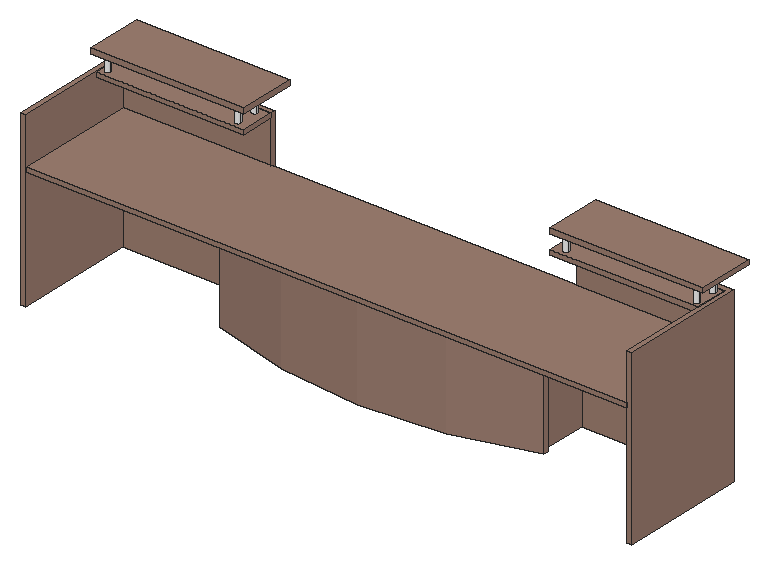
Revit family "T100125", category Furniture, Revit 2018
Family settings
  OmniClass Number = 23.40.20.00
  OmniClass Title = General Furniture and Specialties
  Work Plane-Based = No
  Always vertical = Yes
  Cut with Voids When Loaded = No
  Shared = No
  Room Calculation Point = No
Reference planes (in)
  plane 1 "Center Front/Back": y = 0
  plane 2: z = 0
  plane 3 "Center Left/Right": x = 0
Dimensions and locks (in)
  aligned and locked: level to plane 2
Nested families (in)
  nested 1: "OFS ELEMENT DOUBLE DESK OPEN CENTER 144in" at (-36, 0, 0), type "ELEMENT DOUBLE DESK OPEN CENTER 144in Width"
    with Desk Overlay Option yes
Definition of nested family "OFS ELEMENT DOUBLE DESK OPEN CENTER 144in"
  Parameters (values of type "ELEMENT DOUBLE DESK OPEN CENTER 144in Width")
    Worksurface Material = none
    Width = 12' - 0"
    Half Width = 6' - 0"
    URL = "http://www.ofsbrands.com/"
    Transaction Shelf Material = none
    Table Supp from Lateral = 0' - 2 5/8"
    Table Supp from Center = 0' - 11 1/8"
    Table Depth = 1' - 1 1/2"
    Return Worksurface Width = 1' - 10"
    Paper Organizer Material = none
    Paper Organizer Depth = 1' - 0 3/4"
    Paper Organizer Clearance = 0' - 4 5/8"
    Paper Organizer Board Thickness = 0' - 0 3/4"
    Model = "EL-T72DC"
    Manufacturer = "OFS"
    Lateral Board Thickness = 0' - 1 3/16"
    Height = 3' - 9"
    Standoffs Material = none
    Groomet Material = none
    Desk Overlay Thickness = 0' - 0 1/8"
    Desk Overlay Option [instance] = yes
    Desk Overlay Material = none
    Desk Overlay = 0' - 6 1/2"
    Description = "OFS BRANDS OFS ELEMENT DOUBLE DESK OPEN CENTER 144\" Width, 2 X 72\"W x 34.3125\"D OPEN DESK:"
    Desk Depth = 2' - 10 5/16"
    Depth = 6' - 10 5/16"
    Copyright © = "© 2018 OFS BRANDS"
    Catalog = "http://ofs.com/products/casegoods/reception/element"
    Bottom Board Offset = 0' - 0"
    Chassis Material = none
    Base Depth = 2' - 6"
    Back Board Thickness = 0' - 1 3/16"
    Authoring Version = "Autodesk Revit Architecture 2013"
    Assembly Code = "E2020200"
  Reference planes (in)
    plane 1 "Center Front/Back": y = 0
    plane 2: z = 0
    plane 3 "Center Left/Right": x = 0
    plane 4 "Back External": y = 17.15625
    plane 5 "Right External": x = 36
    plane 6 "Front External": y = -17.15625
    plane 7 "Left External": x = -36
    plane 8 "Seat Height": z = 29.5
    plane 9 "Height": z = 45
    plane 10: x = 34.8125
    plane 11: x = -34.8125
    plane 12: y = 12.84375
    plane 13: y = 11.65625
    plane 14: y = 3.65625
    plane 15: z = 40.5
    plane 16: z = 28.5
    plane 17: z = 43.875
    plane 18: z = 39.375
    plane 19: z = 0
    plane 20: x = 33.375
    plane 21: x = 2.625
    plane 22: x = 29.5
    plane 23: z = 6.5
    plane 24: z = 34
    plane 25: y = 12.96875
    plane 26: x = 6.5
    plane 27: x = -34.0625
    plane 28: x = -22.0625
    plane 29: z = 34.125
    plane 30: z = 39.75
    plane 31: z = 34.875
    plane 32: x = 22.0625
    plane 33: x = -33.375
    plane 34: x = -2.625
    plane 35: x = -29.5
    plane 36: x = -6.5
    plane 37: y = 0
    plane 38: x = 72
    plane 39: y = 17.15625
    plane 40: x = 36
    plane 41: y = -17.15625
    plane 42: x = 108
    plane 43: x = 37.1875
    plane 44: x = 106.8125
    plane 45: y = 12.84375
    plane 46: y = 11.65625
    plane 47: y = 3.65625
    plane 48: x = 38.625
    plane 49: x = 69.375
    plane 50: x = 42.5
    plane 51: y = 12.96875
    plane 52: x = 65.5
    plane 53: x = 106.0625
    plane 54: x = 94.0625
    plane 55: x = 49.9375
    plane 56: x = 105.375
    plane 57: x = 74.625
    plane 58: x = 101.5
    plane 59: x = 78.5
  Forms (in)
    Extrusion 1, solid, material <- "Chassis Material"
      sketch origin (0, 0, 0) x (-1, 0, 0) y (0, -1, 0)
        loop
          line (36, -12.84375) -> (36, 17.15625) -> (34.8125, 17.15625) -> (34.8125, -11.65625) -> (0, -11.65625) -> (0, -12.84375) -> (36, -12.84375)
      from 0 to 40.5
    Extrusion 2, solid, material <- "Transaction Shelf Material"
      sketch origin (0, 0, 6) x (-1, 0, 0) y (0, -1, 0)
        loop
          line (0, -17.15625) -> (36, -17.15625) -> (36, -3.65625) -> (0, -3.65625) -> (0, -17.15625)
      from 37.875 to 39
    Extrusion 3, solid, material <- "Standoffs Material"
      sketch origin (-44.5, 0, 0) x (-1, 0, 0) y (0, -1, 0)
        loop
          circle (-41.875, -10.04085) r 0.625
      from 40.5 to 43.875
    Extrusion 4, solid, material <- "Standoffs Material"
      sketch origin (-44.5, -4.75, 0) x (-1, 0, 0) y (0, -1, 0)
        loop
          circle (-41.875, -10.04085) r 0.625
      from 40.5 to 43.875
    Extrusion 5, solid, material <- "Standoffs Material"
      sketch origin (-66.75, 0, 0) x (-1, 0, 0) y (0, -1, 0)
        loop
          circle (-33.375, -10.04085) r 0.625
      from 40.5 to 43.875
    Extrusion 6, solid, material <- "Standoffs Material"
      sketch origin (-66.75, -4.75, 0) x (-1, 0, 0) y (0, -1, 0)
        loop
          circle (-33.375, -10.04085) r 0.625
      from 40.5 to 43.875
    Extrusion 7, solid, material <- "Chassis Material"
      sketch origin (18.5848, -3.95032, 0) x (-1, 0, 0) y (0, -1, 0)
        loop
          line (19.7723, -15.60657) -> (19.7723, -3.95032) -> (18.5848, -3.95032) -> (18.5848, -15.60657) -> (19.7723, -15.60657)
      from 0 to 28.5
    Extrusion 8, solid, material <- "Chassis Material"
      sketch origin (0, 0, 6) x (-1, 0, 0) y (0, -1, 0)
        loop
          line (0, -11.65625) -> (34.8125, -11.65625) -> (34.8125, -3.65625) -> (0, -3.65625) -> (0, -11.65625)
      from 33.375 to 34.5
    Extrusion 9, solid, material <- "Desk Overlay Material", visible <- "Desk Overlay Option"
      sketch origin (0, 0, 0) x (-1, 0, 0) y (0, 0, -1)
        loop
          line (29.5, -34) -> (29.5, -6.5) -> (6.5, -6.5) -> (6.5, -34) -> (29.5, -34)
      from -12.96875 to -12.84375
    Extrusion 10, solid, material <- "Worksurface Material"
      sketch origin (72, 0, 0) x (1, 0, 0) y (0, 1, 0)
        loop
          line (-106.8125, 11.65625) -> (-106.8125, -17.15625) -> (34.8125, -17.15625) -> (34.8125, 11.65625) -> (-106.8125, 11.65625)
      from 28.5 to 29.5
    Extrusion 11, solid, material <- "Chassis Material"
      sketch origin (72, 0, 0) x (1, 0, 0) y (0, 1, 0)
        loop
          line (36, 12.84375) -> (0, 12.84375) -> (0, 11.65625) -> (34.8125, 11.65625) -> (34.8125, -17.15625) -> (36, -17.15625) -> (36, 12.84375)
      from 0 to 40.5
    Extrusion 12, solid, material <- "Transaction Shelf Material"
      sketch origin (72, 0, 6) x (1, 0, 0) y (0, 1, 0)
        loop
          line (0, 17.15625) -> (0, 3.65625) -> (36, 3.65625) -> (36, 17.15625) -> (0, 17.15625)
      from 37.875 to 39
    Extrusion 13, solid, material <- "Standoffs Material"
      sketch origin (116.5, 0, 0) x (1, 0, 0) y (0, 1, 0)
        loop
          circle (-41.875, 10.04085) r 0.625
      from 40.5 to 43.875
    Extrusion 14, solid, material <- "Standoffs Material"
      sketch origin (116.5, -4.75, 0) x (1, 0, 0) y (0, 1, 0)
        loop
          circle (-41.875, 10.04085) r 0.625
      from 40.5 to 43.875
    Extrusion 15, solid, material <- "Standoffs Material"
      sketch origin (138.75, 0, 0) x (1, 0, 0) y (0, 1, 0)
        loop
          circle (-33.375, 10.04085) r 0.625
      from 40.5 to 43.875
    Extrusion 16, solid, material <- "Standoffs Material"
      sketch origin (138.75, -4.75, 0) x (1, 0, 0) y (0, 1, 0)
        loop
          circle (-33.375, 10.04085) r 0.625
      from 40.5 to 43.875
    Extrusion 17, solid, material <- "Chassis Material"
      sketch origin (53.4152, -3.95032, 0) x (1, 0, 0) y (0, 1, 0)
        loop
          line (19.7723, 15.60657) -> (18.5848, 15.60657) -> (18.5848, 3.95032) -> (19.7723, 3.95032) -> (19.7723, 15.60657)
      from 0 to 28.5
    Extrusion 18, solid, material <- "Chassis Material"
      sketch origin (72, 0, 6) x (1, 0, 0) y (0, 1, 0)
        loop
          line (0, 11.65625) -> (0, 3.65625) -> (34.8125, 3.65625) -> (34.8125, 11.65625) -> (0, 11.65625)
      from 33.375 to 34.5
    Extrusion 19, solid, material <- "Desk Overlay Material", visible <- "Desk Overlay Option"
      sketch origin (72, 0, 0) x (1, 0, 0) y (0, 0, 1)
        loop
          line (29.5, 34) -> (6.5, 34) -> (6.5, 6.5) -> (29.5, 6.5) -> (29.5, 34)
      from -12.96875 to -12.84375
    Extrusion 20, solid, material <- "Chassis Material"
      sketch origin (42.58153, -5.98444, 0) x (-1, 0, 0) y (0, -1, 0)
        loop
          arc (44.76903, -5.24195) -> (6.58152, 1.67647) -> (-31.60598, -5.24195) r 108.85073
          line (-31.60598, -5.24195) -> (-31.60598, -6.51103)
          arc (-31.60598, -6.51103) -> (6.58153, 0.48897) -> (44.76903, -6.51103) r 107.66323
          line (44.76903, -6.51103) -> (44.76903, -5.24195)
      from 0 to 28.5
  Dimensions and locks (in)
    equal spacing: plane 7 "Left External", plane 3 "Center Left/Right", plane 5 "Right External"
    "Half Width": plane 7 "Left External" to plane 5 "Right External"
    equal spacing: plane 6 "Front External", plane 1 "Center Front/Back", plane 4 "Back External"
    "Desk Depth": plane 4 "Back External" to plane 6 "Front External"
    plane 8 "Seat Height" to level = 2' - 5 1/2"
    "Height": plane 9 "Height" to level
    "Lateral Board Thickness": plane 7 "Left External" to plane 11
    "Lateral Board Thickness": plane 10 to plane 5 "Right External"
    "Base Depth": plane 12 to plane 6 "Front External"
    "Back Board Thickness": plane 12 to plane 13
    "Table Depth": plane 4 "Back External" to plane 14
    plane 15 to level = 3' - 4 1/2"
    "Bottom Board Offset": plane 19 to level
    "Table Supp from Lateral": plane 5 "Right External" to plane 20
    "Table Supp from Lateral": plane 21 to plane 3 "Center Left/Right"
    "Desk Overlay": plane 5 "Right External" to plane 22
    "Desk Overlay": plane 24 to plane 15
    "Desk Overlay": plane 19 to plane 23
    "Desk Overlay Thickness": plane 25 to plane 12
    "Desk Overlay": plane 26 to plane 3 "Center Left/Right"
    "Paper Organizer Board Thickness": plane 11 to plane 27
    "Paper Organizer Clearance": plane 29 to plane 8 "Seat Height"
    "Paper Organizer Board Thickness": plane 15 to plane 30
    "Paper Organizer Board Thickness": plane 31 to plane 29
    "Table Supp from Lateral": plane 34 to plane 3 "Center Left/Right"
    "Table Supp from Lateral": plane 7 "Left External" to plane 33
    locked: plane 7 "Left External" to plane 35 at 6.5
    equal spacing: plane 42, plane 38, plane 40
    "Half Width": plane 42 to plane 40
    equal spacing: plane 41, plane 37, plane 39
    "Desk Depth": plane 39 to plane 41
    "Lateral Board Thickness": plane 42 to plane 44
    "Lateral Board Thickness": plane 43 to plane 40
    "Base Depth": plane 45 to plane 41
    "Back Board Thickness": plane 45 to plane 46
    "Table Depth": plane 39 to plane 47
    "Table Supp from Lateral": plane 40 to plane 48
    "Table Supp from Lateral": plane 49 to plane 38
    "Paper Organizer Board Thickness": plane 44 to plane 53
    "Table Supp from Lateral": plane 57 to plane 38
    "Table Supp from Lateral": plane 42 to plane 56
    locked: plane 42 to plane 58 at 6.5
    "Width": plane 7 "Left External" to plane 42
    aligned and locked: level to plane 2
    aligned and locked: plane 36 to Extrusion 9
    aligned and locked: plane 35 to Extrusion 9
    aligned and locked: Extrusion 19 to plane 59
    aligned and locked: Extrusion 19 to plane 58
  Automatic sketch dimensions
    Extrusion 1 sketch curve to plane 3 "Center Left/Right" = 0' - 0"
    Extrusion 1 sketch curve to plane 6 "Front External" = 0' - 0"
    Extrusion 1 sketch curve to plane 11 = 0' - 0"
    Extrusion 1 sketch curve to plane 7 "Left External" = 0' - 0"
    Extrusion 1 sketch curve to plane 13 = 0' - 0"
    Extrusion 1 sketch curve to plane 12 = 0' - 0"
    Extrusion 2 sketch curve to plane 3 "Center Left/Right" = 0' - 0"
    Extrusion 2 sketch curve to plane 7 "Left External" = 0' - 0"
    Extrusion 2 sketch curve to plane 4 "Back External" = 0' - 0"
    Extrusion 2 sketch curve to plane 14 = 0' - 0"
    Extrusion 3 sketch curve to plane 34 = 0' - 0"
    plane 13 to Extrusion 3 sketch curve = 0' - 1.6154"
    Extrusion 4 sketch curve to plane 34 = 0' - 0"
    Extrusion 4 sketch curve to plane 14 = 0' - 1.6346"
    Extrusion 5 sketch curve to plane 33 = 0' - 0"
    plane 13 to Extrusion 5 sketch curve = 0' - 1.6154"
    Extrusion 6 sketch curve to plane 33 = 0' - 0"
    Extrusion 6 sketch curve to plane 14 = 0' - 1.6346"
    Extrusion 7 sketch curve to plane 3 "Center Left/Right" = 0' - 0"
    plane 1 "Center Front/Back" to Extrusion 7 sketch curve = 0' - 0"
    Extrusion 7 sketch curve to plane 13 = 0' - 0"
    Extrusion 7 sketch curve to Extrusion 7 sketch curve = 0' - 1 3/16"
    Extrusion 8 sketch curve to plane 3 "Center Left/Right" = 0' - 0"
    Extrusion 8 sketch curve to plane 11 = 0' - 0"
    Extrusion 8 sketch curve to plane 13 = 0' - 0"
    Extrusion 8 sketch curve to plane 14 = 0' - 0"
    Extrusion 9 sketch curve to plane 24 = 0' - 0"
    plane 36 to Extrusion 9 sketch curve = 0' - 0"
    Extrusion 9 sketch curve to plane 23 = 0' - 0"
    plane 35 to Extrusion 9 sketch curve = 0' - 0"
    plane 6 "Front External" to Extrusion 10 sketch curve = 0' - 0"
    Extrusion 10 sketch curve to plane 44 = 0' - 0"
    Extrusion 10 sketch curve to plane 13 = 0' - 0"
    plane 12 to Extrusion 11 sketch curve = 0' - 0"
    Extrusion 11 sketch curve to plane 38 = 0' - 0"
    Extrusion 11 sketch curve to plane 42 = 0' - 0"
    plane 13 to Extrusion 11 sketch curve = 0' - 0"
    plane 14 to Extrusion 12 sketch curve = 0' - 0"
    Extrusion 12 sketch curve to plane 38 = 0' - 0"
    Extrusion 12 sketch curve to plane 42 = 0' - 0"
    plane 4 "Back External" to Extrusion 12 sketch curve = 0' - 0"
    Extrusion 13 sketch curve to plane 57 = 0' - 0"
    Extrusion 13 sketch curve to plane 13 = 0' - 1.6154"
    Extrusion 14 sketch curve to plane 57 = 0' - 0"
    plane 14 to Extrusion 14 sketch curve = 0' - 1.6346"
    Extrusion 15 sketch curve to plane 56 = 0' - 0"
    Extrusion 15 sketch curve to plane 13 = 0' - 1.6154"
    Extrusion 16 sketch curve to plane 56 = 0' - 0"
    plane 14 to Extrusion 16 sketch curve = 0' - 1.6346"
    plane 13 to Extrusion 17 sketch curve = 0' - 0"
    Extrusion 17 sketch curve to plane 38 = 0' - 0"
    plane 1 "Center Front/Back" to Extrusion 17 sketch curve = 0' - 0"
    Extrusion 17 sketch curve to Extrusion 17 sketch curve = 0' - 1 3/16"
    plane 14 to Extrusion 18 sketch curve = 0' - 0"
    Extrusion 18 sketch curve to plane 38 = 0' - 0"
    Extrusion 18 sketch curve to plane 44 = 0' - 0"
    plane 13 to Extrusion 18 sketch curve = 0' - 0"
    Extrusion 19 sketch curve to plane 24 = 0' - 0"
    Extrusion 19 sketch curve to plane 59 = 0' - 0"
    Extrusion 19 sketch curve to plane 23 = 0' - 0"
    plane 58 to Extrusion 19 sketch curve = 0' - 0"
    Extrusion 20 sketch curve to plane 34 = 0' - 0 7/16"
    Extrusion 20 sketch curve to plane 1 "Center Front/Back" = 0' - 0.7425"
    Extrusion 20 sketch curve to plane 57 = 0' - 0 7/16"
    Extrusion 20 sketch curve to plane 5 "Right External" = 0' - 0"  (x2)
    plane 1 "Center Front/Back" to Extrusion 20 sketch curve = 0' - 0.52658"
    Extrusion 20 sketch curve to plane 4 "Back External" = 7' - 0.03356"
    Extrusion 20 sketch curve to Extrusion 20 sketch curve = 0' - 0"
    plane 6 "Front External" to Extrusion 11 sketch curve = 0' - 0"
    Extrusion 11 sketch curve to plane 44 = 0' - 0"
    plane 7 "Left External" to Extrusion 10 sketch curve = 0' - 1 3/16"
    radius of Extrusion 3 sketch curve = 0' - 0 5/8"
    radius of Extrusion 4 sketch curve = 0' - 0 5/8"
    radius of Extrusion 5 sketch curve = 0' - 0 5/8"
    radius of Extrusion 6 sketch curve = 0' - 0 5/8"
    radius of Extrusion 13 sketch curve = 0' - 0 5/8"
    radius of Extrusion 14 sketch curve = 0' - 0 5/8"
    radius of Extrusion 15 sketch curve = 0' - 0 5/8"
    radius of Extrusion 16 sketch curve = 0' - 0 5/8"
